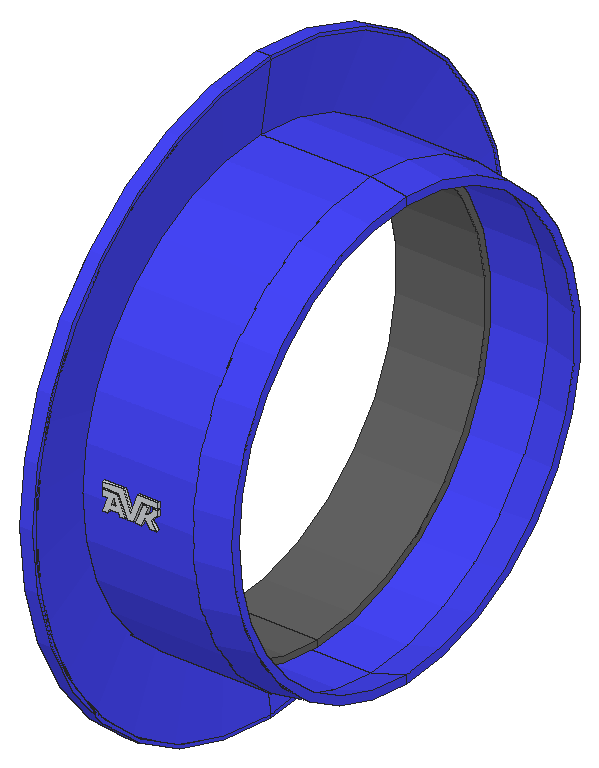
Revit family "05-60-001-DN50-300.rfatest", category Pipe Accessories, Revit 2022
Family settings
  Round Connector Dimension = Use Diameter
  Part Type = Valve - Breaks Into
  Work Plane-Based = No
  Always vertical = Yes
  Cut with Voids When Loaded = No
  Shared = No
Parameters (values of type "DN300_ PN16_Dd315")
  Thickness1 = size_lookup(Search_table, "Thickness1", 0 mm, DN)  # 10 mm
  Search_table = "05-60-001-DN50-300"
  L9 = size_lookup(Search_table, "L9", 0 mm, DN)  # 31 mm
  L6 = L * 0.2  # 26.6 mm
  L4 = 0 mm
  L2 = L * 1.5  # 199.5 mm
  L1 = L9 * 1.3  # 40.3 mm
  L/2 = L / 2  # 66.5 mm
  L-L9 = L - L9  # 102 mm
  L = size_lookup(Search_table, "L", 0 mm, DN)  # 133 mm
  Thickness = size_lookup(Search_table, "Thickness", 0 mm, DN)  # 6 mm
  Flange_H = (D - Dd) * 0.15  # 9.75 mm
  FL_T1 = L9 * 0.1  # 3.1 mm
  FL_T = Thickness1 / 2  # 5 mm
  Epdm = Thickness * 0.4  # 2.4 mm
  EPDM = 6 mm  # constant formula
  Dd = size_lookup(Search_table, "Dd", 0 mm, DN) / 2  # 157.5 mm
  DN050_ PN10/16_Dd63 = "05-050-60-1600"
  DN080_ PN10/16_Dd90 = "05-090-60-1600"
  DN065_ PN10/16_Dd75 = "05-075-60-1600"
  DN060_ PN10/16_Dd63 = "05-063-60-1600"
  Description_ = "AVK COMBI-FLANGE FOR PE AND PVC PIPES, PN10/16"
  Default Elevation = 0 mm
  DN300_ PN16_Dd315 = "05-315-60-1600"
  DN300_ PN10_Dd315 = "05-315-60-0600"
  DN250_ PN16_Dd280 = "05-280-60-1600"
  DN250_ PN16_Dd250 = "05-280-60-0600"
  DN250_ PN10_Dd280 = "05-250-60-1600"
  DN250_ PN10_Dd250 = "05-250-60-0600"
  DN200_ PN16_Dd225 = "05-225-60-1600"
  DN200_ PN16_Dd200 = "05-225-60-0600"
  DN200_ PN10_Dd225 = "05-200-60-1600"
  DN200_ PN10_Dd200 = "05-200-60-0600"
  DN150_ PN10/16_Dd160 = "05-160-60-1600"
  DN125_ PN10/16_Dd140 = "05-140-60-1600"
  DN125_ PN10/16_Dd125 = "05-125-60-1600"
  DN100_ PN10/16_Dd110 = "05-110-60-1600"
  DN = 300.1 mm
  URL_product_pages = "https://www.avkvalves.com/P.aspx?no=05050601600"
  5 = 5 mm  # constant formula
  10 = 10 mm  # constant formula
  1 = 1 mm  # constant formula
  (D-Dd)1 = (D - Dd) * 0.35  # 22.75 mm
  D = size_lookup(Search_table, "D", 0 mm, DN) / 2  # 222.5 mm
  Bore = size_lookup(Search_table, "Bore", 0 mm, DN)  # 150.05 mm
  3 = 3 mm  # constant formula
Types (19, lengths in mm): name | Thickness1 | L9 | L6 | L2 | L1 | L/2 | L-L9 | L | Thickness | Flange_H | FL_T1 | FL_T | Epdm | Dd | DN | (D-Dd)1 | D | Bore
  (no name) | 10 | 31 | 26.6 | 199.5 | 40.3 | 66.5 | 102 | 133 | 6 | 9.75 | 3.1 | 5 | 2.4 | 157.5 | 300.1 | 22.75 | 222.5 | 150.05
  DN100_ PN10/16_Dd110 | 10 | 27 | 19.8 | 148.5 | 35.1 | 49.5 | 72 | 99 | 5 | 8.25 | 2.7 | 5 | 2 | 55 | 100 | 19.25 | 110 | 50
  DN125_ PN10/16_Dd125 | 10 | 27 | 20.2 | 151.5 | 35.1 | 50.5 | 74 | 101 | 5 | 9.375 | 2.7 | 5 | 2 | 62.5 | 125 | 21.875 | 125 | 62.5
  DN125_ PN10/16_Dd140 | 10 | 27 | 20.6 | 154.5 | 35.1 | 51.5 | 76 | 103 | 5 | 8.25 | 2.7 | 5 | 2 | 70 | 125.1 | 19.25 | 125 | 62.55
  DN150_ PN10/16_Dd160 | 10 | 27 | 21 | 157.5 | 35.1 | 52.5 | 78 | 105 | 5 | 9.375 | 2.7 | 5 | 2 | 80 | 150 | 21.875 | 142.5 | 75
  DN200_ PN10_Dd200 | 15 | 27 | 21.4 | 160.5 | 35.1 | 53.5 | 80 | 107 | 6 | 10.5 | 2.7 | 7.5 | 2.4 | 100 | 200 | 24.5 | 170 | 100
  DN200_ PN10_Dd225 | 15 | 27 | 23 | 172.5 | 35.1 | 57.5 | 88 | 115 | 6 | 8.625 | 2.7 | 7.5 | 2.4 | 112.5 | 200.2 | 20.125 | 170 | 100.1
  DN200_ PN16_Dd200 | 15 | 27 | 21.4 | 160.5 | 35.1 | 53.5 | 80 | 107 | 6 | 10.5 | 2.7 | 7.5 | 2.4 | 100 | 200.1 | 24.5 | 170 | 100.05
  DN200_ PN16_Dd225 | 15 | 27 | 24.6 | 184.5 | 35.1 | 61.5 | 96 | 123 | 6 | 8.625 | 2.7 | 7.5 | 2.4 | 112.5 | 200.3 | 20.125 | 170 | 100.15
  DN250_ PN10_Dd250 | 15 | 27 | 23 | 172.5 | 35.1 | 57.5 | 88 | 115 | 6 | 10.875 | 2.7 | 7.5 | 2.4 | 125 | 250 | 25.375 | 197.5 | 125
  DN250_ PN10_Dd280 | 15 | 31 | 24.6 | 184.5 | 40.3 | 61.5 | 92 | 123 | 6 | 8.625 | 3.1 | 7.5 | 2.4 | 140 | 250.2 | 20.125 | 197.5 | 125.1
  DN250_ PN16_Dd250 | 15 | 27 | 24.6 | 184.5 | 35.1 | 61.5 | 96 | 123 | 6 | 10.875 | 2.7 | 7.5 | 2.4 | 125 | 250.1 | 25.375 | 197.5 | 125.05
  DN250_ PN16_Dd280 | 15 | 31 | 26.2 | 196.5 | 40.3 | 65.5 | 100 | 131 | 6 | 8.625 | 3.1 | 7.5 | 2.4 | 140 | 250.3 | 20.125 | 197.5 | 125.15
  DN300_ PN10_Dd315 | 15 | 31 | 25 | 187.5 | 40.3 | 62.5 | 94 | 125 | 6 | 9.75 | 3.1 | 7.5 | 2.4 | 157.5 | 300 | 22.75 | 222.5 | 150
  DN300_ PN16_Dd315 | 10 | 31 | 26.6 | 199.5 | 40.3 | 66.5 | 102 | 133 | 6 | 9.75 | 3.1 | 5 | 2.4 | 157.5 | 300.1 | 22.75 | 222.5 | 150.05
  DN050_ PN10/16_Dd63 | 10 | 27 | 19.4 | 145.5 | 35.1 | 48.5 | 70 | 97 | 5 | 7.65 | 2.7 | 5 | 2 | 31.5 | 50 | 17.85 | 82.5 | 25
  DN060_ PN10/16_Dd63 | 10 | 27 | 19.4 | 145.5 | 35.1 | 48.5 | 70 | 97 | 5 | 8.4 | 2.7 | 5 | 2 | 31.5 | 60 | 19.6 | 87.5 | 30
  DN065_ PN10/16_Dd75 | 10 | 27 | 19.4 | 145.5 | 35.1 | 48.5 | 70 | 97 | 5 | 8.25 | 2.7 | 5 | 2 | 37.5 | 65 | 19.25 | 92.5 | 32.5
  DN080_ PN10/16_Dd90 | 10 | 27 | 19.6 | 147 | 35.1 | 49 | 71 | 98 | 5 | 8.25 | 2.7 | 5 | 2 | 45 | 80 | 19.25 | 100 | 40
Reference planes
  plane 1 "Center (Front/Back)": y = 0
  plane 2: z = 0
  plane 3 "Center (Left/Right)": x = 0
  plane 4: z = 222.5
  plane 5: z = -222.5
  plane 6: x = -21
  plane 7: x = 112
  plane 8: z = 150.05
  plane 9: z = -150.05
  plane 10: y = 222.5
  plane 11: y = -222.5
  plane 12: y = 157.5
  plane 13: y = -157.5
  plane 14: z = 157.5
  plane 15: z = -157.5
  plane 16: z = 180.25
  plane 17: z = 190
  plane 18: z = 180.25
  plane 19: x = 10
  plane 20: z = 181.25
  plane 21: z = 162.5
  plane 22: z = 162.5
  plane 23: z = 165.5
Forms (mm)
  Revolve 1, solid, material "Default"
    sketch origin (0, 0, 0) x (1, 0, 0) y (0, 0, 1)
      loop
        line (-21, 190) -> (-21, 157.5) -> (45.5, 157.5) -> (45.5, 162.5) -> (-18.6, 162.5) -> (-18.6, 190) -> (-21, 190)
      axis (-21, 0) -> (45.5, 0)
    angle from 0 to 360
  Revolve 2, solid, material "Default Wall"
    sketch origin (0, 0, 0) x (1, 0, 0) y (0, 0, 1)
      loop
        line (-18.6, 190) -> (-18.6, 162.5) -> (19.3, 162.5) -> (19.3, 165.5) -> (-15, 165.5) -> (-15, 190) -> (-18.6, 190)
      axis (-18.6, 0) -> (19.3, 0)
    angle from 0 to 360
  Revolve 3, solid, material "Default Wall"
    sketch origin (0, 0, 0) x (1, 0, 0) y (0, 0, 1)
      loop
        line (0, 167.5) -> (0, 165.5) -> (85.4, 165.5) -> (112, 157.5) -> (112, 163.5) -> (85.4, 167.5) -> (0, 167.5)
      axis (0, 0) -> (112, 0)
    angle from 0 to 360
  Revolve 4, solid, material "Default Wall"
    sketch origin (0, 0, 0) x (1, 0, 0) y (0, 0, 1)
      loop
        line (0, 222.5) -> (0, 220.1) -> (3.1, 220.1) -> (0, 165.5) -> (2.4, 165.5) -> (10, 220.1) -> (10, 222.5) -> (0, 222.5)
      axis (0, 0) -> (10, 0)
    angle from 0 to 360
Dimensions and locks
  equal spacing: plane 4, level, plane 5
  equal spacing: plane 8, level, plane 9
  equal spacing: plane 10, plane 1 "Center (Front/Back)", plane 11
  equal spacing: plane 12, plane 1 "Center (Front/Back)", plane 13
  "Bore": plane 8 to level
  "D": plane 4 to level
  equal spacing: plane 14, level, plane 15
  "Dd": plane 14 to level
  "D": plane 1 "Center (Front/Back)" to plane 11
  "Dd": plane 1 "Center (Front/Back)" to plane 13
  "Epdm": Revolve 1 sketch curve to plane 6
  "(D-Dd)1": plane 16 to plane 14
  "Flange_H": Revolve 1 sketch curve to plane 16
  "Flange_H": plane 17 to plane 16
  "Epdm": Revolve 2 sketch curve to plane 6
  "(D-Dd)1": plane 18 to plane 14
  "Thickness": Revolve 2 to plane 6
  "Flange_H": Revolve 2 sketch curve to plane 18
  "L1": Revolve 2 sketch curve to plane 6
  "Thickness1": plane 19 to plane 3 "Center (Left/Right)"
  "L9": plane 19 to plane 6
  "L/2": plane 7 to Revolve 1 sketch curve
  "1": plane 20 to plane 18
  "Dd": Revolve 1 sketch curve to level
  "5": Revolve 1 sketch curve to plane 14
  "5": plane 21 to plane 14
  "3": Revolve 2 sketch curve to plane 21
  "5": plane 22 to plane 14
  "3": plane 23 to plane 22
  plane 4 to plane 5 = 445 mm
  plane 19 to plane 6 = 31 mm
  plane 7 to plane 3 "Center (Left/Right)" = 112 mm
  plane 14 to plane 15 = 315 mm  (x2)
  "L-L9": plane 7 to plane 19
  plane 7 to plane 6 = 133 mm  (x2)
  "Epdm": plane 4 to Revolve 4 sketch curve  (x2)
  "Epdm": Revolve 4 sketch curve to plane 3 "Center (Left/Right)"
  "Thickness1": plane 19 to Revolve 4 sketch curve
  "FL_T1": Revolve 4 sketch curve to plane 3 "Center (Left/Right)"
  "5": level to nested 1
  "10": nested 1 to plane 19
  "Dd": Revolve 3 sketch curve to level
  "L6": plane 7 to Revolve 3 sketch curve  (x2)
  "EPDM": Revolve 3 sketch curve to plane 14
  aligned and locked: level to plane 2
  aligned and locked: Revolve 1 sketch curve to level
  aligned and locked: Revolve 1 sketch curve to plane 6
  aligned and locked: Revolve 2 sketch curve to level
  aligned and locked: Revolve 3 sketch curve to level
  aligned and locked: plane 21 to Revolve 2 sketch curve
  aligned and locked: plane 23 to Revolve 3 sketch curve
  aligned and locked: plane 3 "Center (Left/Right)" to Revolve 4 sketch curve
  aligned and locked: Revolve 4 sketch curve to plane 23
  aligned and locked: Revolve 4 sketch curve to plane 4
  aligned and locked: Revolve 4 sketch curve to plane 19
  aligned and locked: Revolve 4 sketch curve to level
  aligned and locked: Revolve 3 sketch curve to plane 3 "Center (Left/Right)"
  aligned and locked: Revolve 3 sketch curve to plane 7
Automatic sketch dimensions
  plane 3 "Center (Left/Right)" to Revolve 1 sketch curve = 2.387 mm
  Revolve 1 sketch curve to plane 7 = 10.153 mm
  Revolve 2 sketch curve to Revolve 2 sketch curve = 3.6 mm
  Revolve 2 sketch curve to plane 6 = 13.996 mm
  plane 3 "Center (Left/Right)" to Revolve 2 sketch curve = 3.004 mm
  Revolve 3 sketch curve to Revolve 3 sketch curve = 2 mm
  Revolve 3 sketch curve to plane 6 = 5.298 mm
  Revolve 3 sketch curve to Revolve 3 sketch curve = 10 mm
  Revolve 4 sketch curve to plane 6 = 34.217 mm
  Revolve 4 sketch curve to Revolve 4 sketch curve = 40 mm
Nested families
  nested 1: "logo small-test" at (40.607, -167.498, 0.721) x (1, 0, 0) z (0, -1, 0.0043), type "logo small-test"
Connectors
  piping at (-21, 0, 0), diameter 300.1, driven by "DN"
    settings: on Revolve 1, index 1, connector inside diameter 609.6 mm, connector length 0 mm, flow factor 0, pipe flow 0.0 L/s, pressure drop 0.0 Pa, fitting loss kfactor 0, connector angle 0.00°, fixture units 0, engagement length 0 mm, angle of deflection 0.00°, flow configuration 0, flow direction 0, fitting loss method 0, system type 7, joint type 0, gender type 0, connector reference index -1, connector utility 0, adjustable connector no, is connector primary yes, connector description ""
  piping at (80, 0, 0), diameter 300.1, driven by "DN"
    settings: on Revolve 3, index 2, connector inside diameter 609.6 mm, connector length 0 mm, flow factor 0, pipe flow 0.0 L/s, pressure drop 0.0 Pa, fitting loss kfactor 0, connector angle 0.00°, fixture units 0, engagement length 0 mm, angle of deflection 0.00°, flow configuration 0, flow direction 0, fitting loss method 0, system type 7, joint type 0, gender type 0, connector reference index -1, connector utility 0, adjustable connector no, is connector primary no, connector description ""
Definition of nested family "logo small-test"
  Parameters
    Default Elevation = 1219.2 mm
  Reference planes
    plane 1 "Center (Front/Back)": y = 0
    plane 2: z = 0
    plane 3 "Center (Left/Right)": x = 0
  Forms (mm)
    Extrusion 1, solid
      sketch origin (0, 0, 0) x (1, 0, 0) y (0, 1, 0)
        loop
          line (-26.697, 30) -> (-26.697, -20.859) -> (26.519, -20.859) -> (26.519, 30) -> (-26.697, 30)
      from 0 to -304.8
    Extrusion 2, solid
      sketch origin (0, 0, 0) x (1, 0, 0) y (0, 1, 0)
        loop
          line (-20.607, 8.379) -> (-20.607, 4.302) -> (-16.724, 4.302) -> (-20.607, -5.729) -> (-16.724, -5.729) -> (-15.818, -3.389) -> (-9.104, -3.389) -> (-8.117, -5.729) -> (-3.91, -5.729) -> (-9.864, 8.379) -> (-20.607, 8.379)
        loop
          line (-12.518, 5.079) -> (-14.33, 0) -> (-10.641, 0) -> (-12.518, 5.079)
        loop
          line (-8.635, 9.738) -> (-2.292, -5.729) -> (2.173, -5.729) -> (8.451, 9.738) -> (20.488, 9.738) -> (20.488, 13.686) -> (5.312, 13.686) -> (0, 0) -> (-5.463, 13.686) -> (-20.607, 13.686) -> (-20.607, 9.738) -> (-8.635, 9.738)
        loop
          line (20.488, 4.302) -> (20.488, 8.379) -> (16.605, 8.379)
          arc (16.605, 8.379) -> (15.328, 4.717) -> (11.816, 3.072) r 4.995
          line (11.816, 3.072) -> (13.952, 8.379) -> (9.68, 8.379) -> (3.921, -5.729) -> (8.29, -5.729) -> (10.518, -0.27) -> (14.236, -5.729) -> (19.616, -5.729) -> (14.879, 0.432)
          arc (14.879, 0.432) -> (17.563, 1.981) -> (19.616, 4.302) r 9.637
          line (19.616, 4.302) -> (20.488, 4.302)
      from 0 to 2
  Dimensions and locks
    aligned and locked: plane 2 to Extrusion 1
    aligned and locked: level to Extrusion 1
    aligned and locked: Extrusion 2 sketch curve to import instance  (x36)
    aligned and locked: plane 1 "Center (Front/Back)" to Extrusion 2 sketch curve
